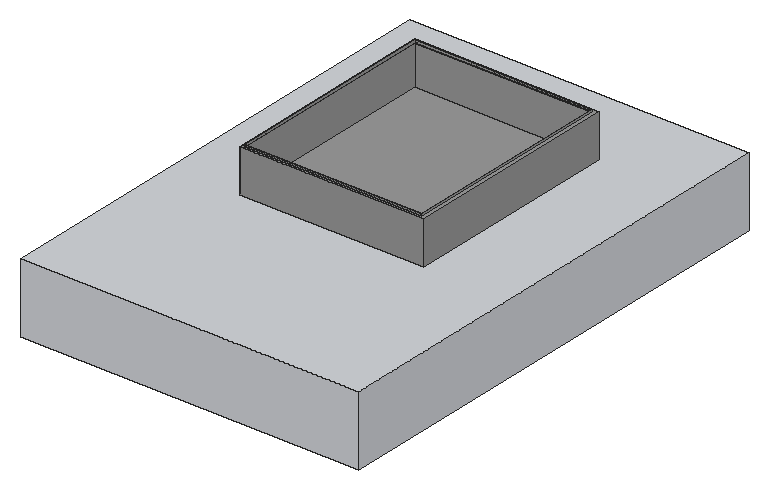
Revit family "Hager-Univers-IP30-D205-H950-Cl.II-Encl-CH-fr", category Equipement électrique, Revit 2020
Family settings
  Hôte = Face
  Configuration du panneau = Deux colonnes, circuits au sein
  Cote de connecteur circulaire = Utiliser le diamètre
  Type d'élément = Tableau de raccordement
  Couper avec des vides une fois chargée = Non
  Partagée = Non
  Point de calcul de pièce = Non
Parameters (values of type "saillie IP30 L800 H950 P205  - FP63Q1S")
  Width Control [instance] = if([EF000008 - largeur] > Min Width, [EF000008 - largeur], Min Width)  # 800 mm
  Commentaires du type = [HG000003 - Gamme]  # "Univers"
  Thickness Door [instance] = if([EF009171 - épaisseur de matériau de la porte/du couvercle] > 3 mm, 3 mm, [EF009171 - épaisseur de matériau de la porte/du couvercle])  # 1 mm
  Seal Frame Offset [instance] = 17 mm  # constant formula
  Plinth Visibility [instance] = [HG000027 - Hauteur du socle] > 0 mm  # no
  Model = ""
  Min Width [instance] = 100 mm  # constant formula
  Min Height [instance] = 100 mm  # constant formula
  Min Depth [instance] = (2 * [EF009170 - épaisseur de matériau du boîtier]) + 1 mm  # 3 mm
  Internal Frame Depth [instance] = (Door System Depth * 0.5)  # 9 mm
  Height Control [instance] = if([EF000040 - hauteur] > Min Height, [EF000040 - hauteur], Min Height)  # 950 mm
  HG000027 - Hauteur du socle = 0 mm
  HG000026 - Installation au sol = no
  HG000024 - Hauteur de la section basse = 800 mm
  HG000023 - Armoire double section = no
  HG000016 - Visibilité de la porte 3D [instance] = yes
  HG000015 - Visibilité de l'emprise de la porte [instance] = no
  HG000014 - Porte à droite [instance] = yes
  HG000013 - Porte à gauche [instance] = not([HG000014 - Porte à droite])  # no
  HG000012 - Angle de pivotement de la porte [instance] = 30.00°
  HG000010 - Portes asymétriques = no
  HG000009 - Porte à double battant = no
  HG000006 - Encastré = no
  HG000004 - Référence fabricant = "FP63Q1S"
  HG000003 - Gamme = "Univers"
  HG000002 - avec porte = no
  Frame Offset Bottom [instance] = 10 mm  # constant formula
  Frame Offset [instance] = 15 mm  # constant formula
  EF015940 - couvercle avec décharge de pression = no
  EF011959 - degré de protection (NEMA) = ""
  EF009554 - nombre d'ouvertures pour plaques à bride = 6
  Fabricant = "Hager"  # constant formula
  EF009212 - finition du couvercle = "EV009916 - avec échancrure"
  EF009171 - épaisseur de matériau de la porte/du couvercle = 1 mm
  EF009170 - épaisseur de matériau du boîtier = 1 mm
  EF008873 - courant nominal (In) = 250 A
  EF007800 - adapté à un parafoudre = no
  EF006306 - avec serrure = no
  EF006244 - couvercle/porte transparent(e) = no
  EF005474 - indice de protection (IP) = "EV006410 - IP30"
  EF004464 - type de porte = "EV000494 - sans"
  EF004427 - nombre de modules = 216
  EF004293 - indice de protection contre les chocs (IK) = "EV006813 - IK07"
  EF003532 - convient pour utilisation à l’extérieur = no
  EF002950 - largeur en nombre de modules = 36
  EF001613 - maintien de fonction = "EV000494 - sans"
  EF001596 - matériau du boîtier/corps = "EV000179 - acier"
  EF001131 - profondeur intérieure = 130 mm
  EF001088 - possibilité de montage en saillie = yes
  EF000437 - nombre d'entrées de conduit = 6
  EF000339 - type de capot = "EV000494 - sans"
  EF000266 - nombre de rangées = 6
  EF000218 - profondeur d'encastrement = 0 mm
  EF000118 - avec cadre/support de montage = no
  EF000116 - numéro RAL = "9010"
  EF000049 - profondeur = 205 mm
  EF000040 - hauteur = 950 mm
  EF000008 - largeur = 800 mm
  EF000007 - couleur = "EV000202 - blanc"
  EF000003 - mode de pose = "EV000384 - saillie"
  Door System Leaf Tolerance [instance] = 1.5 mm  # constant formula
  Door System Depth [instance] = 18 mm  # constant formula
  Door Height [instance] = Height Control - [HG000027 - Hauteur du socle]  # 950 mm
  Depth Control [instance] = if([EF000049 - profondeur] > Min Depth, [EF000049 - profondeur], Min Depth)  # 205 mm
  Default Elevation = 0 mm
  Connector Offset [instance] = Height Control / 2  # 475 mm
  Bottom Top Plate Trim [instance] = 1.5 mm  # constant formula
  Plinth height Ctrl [instance] = if([HG000027 - Hauteur du socle] > 0 mm, [HG000027 - Hauteur du socle], 12 mm)  # 12 mm
Types (5, lengths in mm): name | Width Control | HG000004 - Référence fabricant | EF009554 - nombre d'ouvertures pour plaques à bride | EF004427 - nombre de modules | EF002950 - largeur en nombre de modules | EF000437 - nombre d'entrées de conduit | EF000008 - largeur
  saillie IP30 L1050 H950 P205  - FP64Q1S | 1050 | "FP64Q1S" | 8 | 288 | 48 | 8 | 1050
  saillie IP30 L1300 H950 P205  - FP65Q1S | 1300 | "FP65Q1S" | 10 | 360 | 60 | 10 | 1300
  saillie IP30 L300 H950 P205  - FP61Q1S | 300 | "FP61Q1S" | 2 | 72 | 12 | 2 | 300
  saillie IP30 L550 H950 P205  - FP62Q1S | 550 | "FP62Q1S" | 4 | 144 | 24 | 4 | 550
  saillie IP30 L800 H950 P205  - FP63Q1S | 800 | "FP63Q1S" | 6 | 216 | 36 | 6 | 800
Reference planes
  plane 1 "Center (Front/Back)": y = 0
  plane 2: z = 0
  plane 3 "Center (Left/Right)": x = 0
  plane 4: z = 205
  plane 5: y = 1
  plane 6: y = 475
  plane 7: y = 0
  plane 8: y = 950
  plane 9: z = 0
  plane 10: x = -385
  plane 11: x = 385
  plane 12: x = 384
  plane 13: x = -384
  plane 14: y = 949
  plane 15: x = -383
  plane 16: x = -400
  plane 17: x = 383
  plane 18: x = 400
  plane 19: x = 399
  plane 20: x = -399
  plane 21: y = 11
  plane 22: y = 950
  plane 23: y = 934
  plane 24: z = 187
  plane 25: z = 1
  plane 26: z = 186
  plane 27: z = 204
Forms (mm)
  Extrusion 1, solid
    sketch origin (0, 0, 0) x (1, 0, 0) y (0, 1, 0)
      loop
        line (-702.964, 1305) -> (-702.964, -811.445) -> (766.763, -811.445) -> (766.763, 1305) -> (-702.964, 1305)
    from 0 to -304.8
  Extrusion 2, solid, material "Hager_Steel_RAL7035_Light_Grey", visible <- "Plinth Visibility", detail levels medium+fine
    sketch origin (0, 0, 0) x (1, 0, 0) y (0, 1, 0)
      loop
        line (-400, 0) -> (400, 0) -> (400, 12) -> (-400, 12) -> (-400, 0)
    from 0 to 187
  Extrusion 3, solid, material "Hager_Steel_RAL7035_Light_Grey", detail levels medium+fine
    sketch origin (0, 0, 0) x (1, 0, 0) y (0, 1, 0)
      loop
        line (-400, 0) -> (400, 0) -> (400, 950) -> (-400, 950) -> (-400, 0)
    from 0 to 187
  Extrusion 4, void
    sketch origin (0, 0, 0) x (1, 0, 0) y (0, 1, 0)
      loop
        line (-399, 1) -> (399, 1) -> (399, 949) -> (-399, 949) -> (-399, 1)
    from 1 to 186
  Extrusion 5, void
    sketch origin (-381.607, -4572, 187) x (0, -1, 0) y (-1, 0, 0)
      loop
        line (-4583, 2.393) -> (-5506, 2.393) -> (-5506, -765.607) -> (-4583, -765.607) -> (-4583, 2.393)
    from 0 to 1 <- "EF009170 - épaisseur de matériau du boîtier"
  Extrusion 6, solid, material "Hager_Steel_RAL7035_Light_Grey", detail levels fine
    sketch origin (0, 0, 187) x (1, 0, 0) y (0, 1, 0)
      loop
        line (-384, 934) -> (-384, 11) -> (384, 11) -> (384, 934) -> (-384, 934)
      loop
        line (-385, 10) -> (385, 10) -> (385, 935) -> (-385, 935) -> (-385, 10)
    from 0 to 9 <- "Internal Frame Depth"
  Extrusion 7, solid, material "Hager_Steel_RAL7035_Light_Grey", detail levels coarse
    sketch origin (0, 0, 0) x (1, 0, 0) y (0, 1, 0)
      loop
        line (-400, 0) -> (400, 0) -> (400, 950) -> (-400, 950) -> (-400, 0)
    from 0 to 205
  Sweep 8, void
    path in 3D
      loop
        line (-400, 12, 0) -> (400, 12, 0) -> (400, 12, 187) -> (-400, 12, 187) -> (-400, 12, 0)
    profile origin (-400, 12, 93.5) x (-1, 0, 0) y (0, -1, 0)
      loop
        line (0, 0) -> (0, 1.5) -> (-1.5, 1.5)
        arc (-1.5, 1.5) -> (-1.061, 0.439) -> (0, 0) r 1.5
Cuts and joins
  Extrusion 4, Extrusion 5 cuts Extrusion 3
  Sweep 8 cuts Extrusion 2
Lines and regions (mm)
  Masking region 1
    outline origin (0, 0, 0) x (1, 0, 0) y (0, 0, 1)
      loop
        line (-400, 205) -> (-400, 0) -> (400, 0) -> (400, 205) -> (-400, 205)
  Masking region 2, detail levels medium+fine
    outline origin (0, 140, 0) x (0, 1, 0) y (0, 0, 1)
      loop
        line (-140, 0) -> (810, 0) -> (810, 187) -> (-140, 187) -> (-140, 0)
  Masking region 3, not visible, detail levels medium+fine
    outline origin (0, 297.922, 0) x (0, 1, 0) y (0, 0, 1)
      loop
        line (188.578, 0) -> (228.578, 0) -> (228.578, 194)
        arc (228.578, 194) -> (225.649, 201.071) -> (218.578, 204) r 10
        line (218.578, 204) -> (188.578, 204) -> (188.578, 0)
  Masking region 4, detail levels coarse
    outline origin (0, 0, 180) x (0, 1, 0) y (0, 0, 1)
      loop
        line (0, -180) -> (950, -180) -> (950, 25) -> (0, 25) -> (0, -180)
  Masking region 5, visible <- "Plinth Visibility", detail levels medium+fine
    outline origin (0, 52.24, 12.345) x (0, 0, -1) y (0, 1, 0)
      loop
        line (10.845, -40.24) -> (-173.155, -40.24)
        arc (-173.155, -40.24) -> (-173.594, -41.301) -> (-174.655, -41.74) r 1.5
        line (-174.655, -41.74) -> (-174.655, -52.24) -> (12.345, -52.24) -> (12.345, -41.74)
        arc (12.345, -41.74) -> (11.285, -41.301) -> (10.845, -40.24) r 1.5
  Masking region 6, detail levels medium+fine
    outline origin (-381.607, -4572, 187) x (-1, 0, 0) y (0, -1, 0)
      loop
        line (18.393, -5522) -> (18.393, -4572) -> (-781.607, -4572) -> (-781.607, -5522) -> (18.393, -5522)
  Masking region 7, visible <- "Plinth Visibility", detail levels medium+fine
    outline origin (-381.607, -4727, 187) x (-1, 0, 0) y (0, -1, 0)
      loop
        arc (16.893, -4739) -> (17.332, -4737.939) -> (18.393, -4737.5) r 1.5
        line (18.393, -4737.5) -> (18.393, -4727) -> (-781.607, -4727) -> (-781.607, -4737.5)
        arc (-781.607, -4737.5) -> (-780.546, -4737.939) -> (-780.107, -4739) r 1.5
        line (-780.107, -4739) -> (16.893, -4739)
  Masking region 8, detail levels coarse
    outline origin (-442.548, -4669.526, 187) x (-1, 0, 0) y (0, -1, 0)
      loop
        line (-42.548, -5619.526) -> (-42.548, -4669.526) -> (-842.548, -4669.526) -> (-842.548, -5619.526) -> (-42.548, -5619.526)
  sketch lines
    curve 1: line (-400, 12, 187) -> (-400, 12, 0)
    curve 2: line (400, 12, 187) -> (-400, 12, 187)
    curve 3: line (400, 12, 187) -> (400, 12, 0)
    curve 4: line (-400, 12, 0) -> (400, 12, 0)
Dimensions and locks
  "Depth Control": plane 4 to Extrusion 1
  "HG000027 - Hauteur du socle": plane 1 "Center (Front/Back)" to plane 7
  "EF009170 - épaisseur de matériau du boîtier": plane 5 to plane 7
  locked: connector elem to plane 3 "Center (Left/Right)"
  equal spacing: plane 8, plane 6, plane 7
  locked: connector elem to plane 6
  "EF009170 - épaisseur de matériau du boîtier": plane 8 to plane 14
  "EF009170 - épaisseur de matériau du boîtier": plane 10 to plane 13
  "EF009170 - épaisseur de matériau du boîtier": plane 12 to plane 11
  "Frame Offset": plane 20 to plane 13
  "Frame Offset": plane 12 to plane 19
  "EF009170 - épaisseur de matériau du boîtier": plane 16 to plane 20
  "EF009170 - épaisseur de matériau du boîtier": plane 19 to plane 18
  "Seal Frame Offset": plane 16 to plane 15
  "Seal Frame Offset": plane 17 to plane 18
  "Frame Offset Bottom": plane 21 to plane 5
  "Frame Offset": plane 14 to plane 23
  equal spacing: plane 16, plane 3 "Center (Left/Right)", plane 18
  "Width Control": plane 16 to plane 18
  "EF009170 - épaisseur de matériau du boîtier": plane 4 to plane 27
  "EF009170 - épaisseur de matériau du boîtier": plane 24 to plane 26
  "EF009170 - épaisseur de matériau du boîtier": plane 25 to level
  "Door System Depth": plane 4 to plane 24
  "Height Control": plane 1 "Center (Front/Back)" to Extrusion 7 sketch curve
  "Height Control": Masking region 4 sketch curve to plane 1 "Center (Front/Back)"
  "Height Control": plane 1 "Center (Front/Back)" to plane 22
  "Bottom Top Plate Trim": profile plane to Sweep 8 sketch curve
  "Bottom Top Plate Trim": Sweep 8 sketch curve to profile plane
  "Plinth height Ctrl": plane 1 "Center (Front/Back)" to Extrusion 2 sketch curve
  "Plinth height Ctrl": Masking region 5 sketch curve to plane 1 "Center (Front/Back)"
  "Plinth height Ctrl": plane 1 "Center (Front/Back)" to Masking region 7 sketch curve
  "Thickness Door": Extrusion 6 sketch curve to Extrusion 6 sketch curve  (x3)
  "Thickness Door": cut or joined group of Extrusion 3, Extrusion 4, Extrusion 5 to Extrusion 6 sketch curve
  radius of Masking region 3 sketch curve = 10 mm
  "Bottom Top Plate Trim": radius of Masking region 5 sketch curve  (x2)
  "Bottom Top Plate Trim": radius of Sweep 8 sketch curve
  "Bottom Top Plate Trim": radius of Masking region 7 sketch curve  (x2)
  aligned and locked: plane 2 to Extrusion 1
  aligned and locked: level to Extrusion 1
  aligned and locked: level to Masking region 1 sketch curve
  aligned and locked: Masking region 1 sketch curve to plane 18
  aligned and locked: Masking region 1 sketch curve to plane 16
  aligned and locked: plane 7 to Masking region 2 sketch curve
  aligned and locked: level to Masking region 3 sketch curve
  aligned and locked: Masking region 3 sketch curve to plane 27
  aligned and locked: level to Masking region 2 sketch curve
  aligned and locked: plane 1 "Center (Front/Back)" to Extrusion 2 sketch curve
  aligned and locked: Extrusion 3 sketch curve to plane 7
  aligned and locked: plane 16 to Extrusion 3 sketch curve
  aligned and locked: plane 18 to Extrusion 3 sketch curve
  aligned and locked: plane 20 to Extrusion 4 sketch curve
  aligned and locked: plane 19 to Extrusion 4 sketch curve
  aligned and locked: Extrusion 4 sketch curve to plane 5
  aligned and locked: Extrusion 4 to plane 25
  aligned and locked: plane 26 to Extrusion 4
  aligned and locked: plane 24 to Extrusion 3
  aligned and locked: Extrusion 5 sketch curve to plane 21
  aligned and locked: Extrusion 5 sketch curve to plane 13
  aligned and locked: Extrusion 5 sketch curve to plane 12
  aligned and locked: plane 18 to Extrusion 7 sketch curve
  aligned and locked: plane 1 "Center (Front/Back)" to Extrusion 7 sketch curve
  aligned and locked: plane 16 to Extrusion 7 sketch curve
  aligned and locked: plane 4 to Extrusion 7
  aligned and locked: Extrusion 7 to level
  aligned and locked: level to Masking region 4 sketch curve
  aligned and locked: Masking region 4 sketch curve to plane 1 "Center (Front/Back)"
  aligned and locked: Masking region 4 sketch curve to plane 4
  aligned and locked: nested 1 to level
  aligned and locked: nested 1 to plane 16
  aligned and locked: plane 8 to Extrusion 3 sketch curve
  aligned and locked: plane 23 to Extrusion 5 sketch curve
  aligned and locked: plane 14 to Extrusion 4 sketch curve
  aligned and locked: Masking region 2 sketch curve to plane 8
  aligned and locked: level to Masking region 5 sketch curve
  aligned and locked: plane 16 to Extrusion 2 sketch curve
  aligned and locked: plane 18 to Extrusion 2 sketch curve
  aligned and locked: Masking region 5 sketch curve to plane 24
  aligned and locked: Masking region 2 sketch curve to plane 24
  aligned and locked: plane 24 to Extrusion 2
  aligned and locked: profile plane to Sweep 8 sketch curve  (x2)
  aligned and locked: Masking region 6 sketch curve to plane 18
  aligned and locked: Masking region 6 sketch curve to plane 22
  aligned and locked: Masking region 6 sketch curve to plane 16
  aligned and locked: plane 8 to plane 22
  aligned and locked: Masking region 6 sketch curve to plane 7
  aligned and locked: Masking region 7 sketch curve to plane 16
  aligned and locked: Masking region 7 sketch curve to plane 1 "Center (Front/Back)"
  aligned and locked: Masking region 7 sketch curve to plane 18
  aligned and locked: Masking region 8 sketch curve to plane 1 "Center (Front/Back)"
  aligned and locked: Masking region 8 sketch curve to plane 18
  aligned and locked: Masking region 8 sketch curve to plane 22
  aligned and locked: Masking region 8 sketch curve to plane 16
  aligned and locked: nested 2 to plane 7
  aligned and locked: plane 3 "Center (Left/Right)" to nested 2
  aligned and locked: nested 2 to plane 24
  aligned and locked: Extrusion 6 sketch curve to cut or joined group of Extrusion 3, Extrusion 4, Extrusion 5  (x4)
Automatic sketch dimensions
  Extrusion 1 sketch curve to Extrusion 1 sketch curve = 1469.727 mm
  Extrusion 1 sketch curve to Extrusion 1 sketch curve = 2116.445 mm
  Masking region 1 sketch curve to plane 4 = 0 mm
  plane 6 to Masking region 3 sketch curve = 11.5 mm
  Masking region 3 sketch curve to Masking region 3 sketch curve = 30 mm
  Masking region 5 sketch curve to plane 1 "Center (Front/Back)" = 0 mm
Nested families
  nested 1: "Hager_Enclosure_Symbol" at (-400, 0, 0) x (1, 0, 0) z (0, -1, 0), Height <- "Depth Control", Width <- "Width Control", type "Hager_Enclosure_Symbol"
    with Width_Ctrl 800 mm, Width 800 mm, Height_Ctrl 205 mm, Height 205 mm, A_Width_Int 13.453 mm, A_Width 161.438 mm, A_Height_Ctrl 179.375 mm, A_Height 179.375 mm
  nested 2: "EC000058_Univers_Door" at (0, 0, 187) x (1, 0, 0) z (0, 1, 0), Leaf_Tolerance <- "Door System Leaf Tolerance", Angle <- "HG000012 - Angle de pivotement de la porte", Door_Depth <- "Door System Depth", Door_Left <- "HG000013 - Porte à gauche", Transparent <- "EF006244 - couvercle/porte transparent(e)", Assymetrical <- "HG000010 - Portes asymétriques", Width <- "Width Control", Clearance <- "HG000015 - Visibilité de l'emprise de la porte", Double <- "HG000009 - Porte à double battant", 3d_Door <- "HG000016 - Visibilité de la porte 3D", Lock_Visibility <- "EF006306 - avec serrure", Width_Ctrl <- "Width Control", Door_Right <- "HG000014 - Porte à droite", Door <- "HG000002 - avec porte", Height <- "Door Height", Thickness <- "Thickness Door", type "EC000058_Univers_Door", detail levels medium+fine
    with min_wh 3 mm, Width_Ctrl 800 mm, Width 800 mm, Transparent no, Thickness 1 mm, Seal_Material Hager_Rubber, Lock_Visibility no, Lock_Material Hager_Plastic_RAL9005_Jet_Black, Leaf_Width 800 mm, Leaf_Tolerance_External_Sides 0 mm, Leaf_Tolerance 1.5 mm, Leaf_Offset 0 mm, Leaf_Height 947 mm, Leaf_2_Width 800 mm, Leaf_2_Offset 400 mm, Leaf_1_Width 800 mm, Leaf_1_Offset 400 mm, Height_Ctrl 950 mm, Height 950 mm, Glass_Material Hager_Glass, Double_Clearance_Ctrl no, Double no, Door_Right_Ctrl no, Door_Right yes, Door_Material Hager_Steel_RAL7035_Light_Grey, Door_Left_Ctrl no, Door_Left no, Door_Depth 18 mm, Door no, Clearance_Material Hager_Clearance, Clearance_Depth 800 mm, Clearance_Ctrl no, Clearance no, Assymetrical no, Angle 30.00°, 3d_Door yes
Connectors
  electrical at (0, 475, 0)
    settings: on plane 9, index 1, voltage 0 V, apparent load 0 VA, apparent load phase1 0 VA, apparent load phase2 0 VA, apparent load phase3 0 VA, power factor 1, load classification "Other", number of poles 1, system type 30, power factor state 1, is connector primary yes, connector utility no, sub classification motor no, connector description ""
Definition of nested family "Hager_Enclosure_Symbol"
  Parameters (values of type "Hager_Enclosure_Symbol")
    Width_Ctrl [instance] = if(Width > 1 mm, Width, 1 mm)  # 102.27 mm
    Width [instance] = 102.27 mm
    Height_Ctrl [instance] = if(Height > 1 mm, Height, 1 mm)  # 66.5 mm
    A_Width_Int [instance] = if(A_Width / 12 > 2 mm, A_Width / 12, 2 mm)  # 4.364 mm
    A_Width [instance] = if(A_Height_Ctrl * 0.9 > 2 mm, A_Height_Ctrl * 0.9, 2 mm)  # 52.369 mm
    A_Height_Ctrl [instance] = if(A_Height > 2 mm, A_Height, 2 mm)  # 58.188 mm
    Height [instance] = 66.5 mm
    A_Height [instance] = Height - (Height / 8)  # 58.188 mm
  Reference planes
    plane 1 "Centre (avant/arrière)": y = 0
    plane 2: z = 0
    plane 3 "Centre (gauche/droite)": x = 0
    plane 4: x = 52.369
    plane 5: y = 33.042
    plane 6: y = 41.77
    plane 7: y = 66.5
    plane 8: x = 26.184
    plane 9: y = 37.406
    plane 10: x = 102.27
    plane 11: y = 66.5
    plane 12: y = 8.313
  Lines and regions (mm)
    Filled region 1, type "Solid_Black", in view "Niveau de réf."
      outline origin (0, 0, 0) x (1, 0, 0) y (0, 1, 0)
        loop
          line (52.369, 66.5) -> (33.188, 54.536) -> (45.365, 45.006) -> (52.369, 66.5)
    Filled region 2, type "Solid_Black", in view "Niveau de réf."
      outline origin (0, 0, 0) x (1, 0, 0) y (0, 1, 0)
        loop
          line (0, 0) -> (102.27, 0) -> (102.27, 66.5) -> (0, 0)
    detail lines, in view "Niveau de réf."
      curve 1: line (0, 8.313, 0) -> (26.184, 41.77, 0)
      curve 2: line (26.184, 41.77, 0) -> (26.184, 33.042, 0)
      curve 3: line (26.184, 33.042, 0) -> (52.369, 66.5, 0)
  Dimensions and locks
    "A_Width": plane 3 "Centre (gauche/droite)" to plane 4
    equal spacing: plane 3 "Centre (gauche/droite)", plane 8, plane 4
    equal spacing: plane 6, plane 9, plane 5
    equal spacing: curve 3, Filled region 1 sketch curve, Filled region 1 sketch curve
    "Height_Ctrl": plane 1 "Centre (avant/arrière)" to plane 11
    "A_Height_Ctrl": plane 11 to plane 12
    equal spacing: plane 11, plane 9, plane 12
    "A_Width_Int": plane 6 to plane 9
    "Width_Ctrl": plane 3 "Centre (gauche/droite)" to plane 10
    angle Filled region 1 sketch curve to curve 3 = 20.00°
    angle curve 3 to Filled region 1 sketch curve = 20.00°
    locked: curve 3 to Filled region 1 sketch curve (angle 90.00°)
    aligned and locked: plane 10 to Filled region 2
    aligned and locked: plane 11 to Filled region 2 sketch curve
    aligned and locked: plane 10 to Filled region 2 sketch curve
    aligned and locked: plane 3 "Centre (gauche/droite)" to curve 1
    aligned and locked: plane 12 to curve 1
    aligned and locked: plane 7 to plane 11
  Automatic sketch dimensions
    Filled region 1 sketch curve to plane 4 = 0 mm
    Filled region 1 sketch curve to plane 7 = 0 mm
    plane 1 "Centre (avant/arrière)" to Filled region 2 sketch curve = 0 mm
    Filled region 2 sketch curve to plane 3 "Centre (gauche/droite)" = 0 mm
    curve 2 to plane 6 = 0 mm
    curve 2 to plane 8 = 0 mm
    curve 3 to plane 4 = 0 mm
    curve 2 to plane 5 = 0 mm
    curve 3 to plane 7 = 0 mm
Definition of nested family "EC000058_Univers_Door"
  Parameters (values of type "EC000058_Univers_Door")
    min_wh [instance] = (2 * Thickness) + 1 mm  # 11 mm
    Width_Ctrl [instance] = 400 mm
    Width [instance] = 500 mm
    Transparent [instance] = yes
    Thickness [instance] = 5 mm
    Seal_Material [instance] = none
    Lock_Visibility [instance] = yes
    Lock_Material [instance] = none
    Leaf_Width [instance] = if((Width_Ctrl - 2 * Leaf_Tolerance_External_Sides) > 0 mm, (Width_Ctrl - 2 * Leaf_Tolerance_External_Sides), min_wh)  # 400 mm
    Leaf_Tolerance_External_Sides [instance] = 0 mm  # constant formula
    Leaf_Tolerance [instance] = 1.5 mm
    Leaf_Offset [instance] = 0 mm  # constant formula
    Leaf_Height [instance] = if((Height_Ctrl - 2 * Leaf_Tolerance) > 0 mm, (Height_Ctrl - 2 * Leaf_Tolerance), min_wh)  # 497 mm
    Leaf_2_Width [instance] = if(and(and(Double, Assymetrical), Door_Left), (Leaf_Width / 3) - (Leaf_Tolerance / 2), if(and(and(Double, Assymetrical), Door_Right), (Leaf_Width / 3) * 2 - (Leaf_Tolerance / 2), if(and(Double, not(Assymetrical)), (Leaf_Width / 2) - Leaf_Tolerance, Leaf_Width)))  # 400 mm
    Leaf_2_Offset [instance] = if(and(Double, Assymetrical), Leaf_2_Width / 2, if(and(Double, not(Assymetrical)), Leaf_Width / 4, Leaf_Width / 2))  # 200 mm
    Leaf_1_Width [instance] = if(and(and(Double, Assymetrical), Door_Right), (Leaf_Width / 3) - (Leaf_Tolerance / 2), if(and(and(Double, Assymetrical), Door_Left), (Width / 3) * 2 - (Leaf_Tolerance / 2), if(and(Double, not(Assymetrical)), (Leaf_Width / 2) - Leaf_Tolerance, Leaf_Width)))  # 400 mm
    Leaf_1_Offset [instance] = if(and(Double, Assymetrical), Leaf_1_Width / 2, if(and(Double, not(Assymetrical)), Leaf_Width / 4, Leaf_Width / 2))  # 200 mm
    Height_Ctrl [instance] = if(Height > min_wh, Height, min_wh)  # 500 mm
    Height [instance] = 500 mm
    Glass_Material [instance] = none
    Double_Clearance_Ctrl [instance] = and(Double, Clearance)  # no
    Double [instance] = no
    Door_Right_Ctrl [instance] = and(or(Door_Right, Double), Door)  # yes
    Door_Right [instance] = yes
    Door_Material [instance] = none
    Door_Left_Ctrl [instance] = and(or(Door_Left, Double), Door)  # no
    Door_Left [instance] = no
    Door_Depth [instance] = 30 mm
    Door [instance] = yes
    Default Elevation = 1219.2 mm
    Clearance_Material [instance] = none
    Clearance_Depth [instance] = if(Leaf_1_Width > Leaf_2_Width, Leaf_1_Width, Leaf_2_Width)  # 400 mm
    Clearance_Ctrl [instance] = and(not(Double), Clearance)  # yes
    Clearance [instance] = yes
    Assymetrical [instance] = yes
    Angle [instance] = 30.00°
    3d_Door [instance] = yes
  Reference planes
    plane 1 "Center (Front/Back)": y = 0
    plane 2 "Bottom": z = 0
    plane 3 "Center (Left/Right)": x = 0
    plane 4: z = 500
    plane 5: x = -200
    plane 6: x = 200
    plane 7: z = 500
    plane 8: x = -200
    plane 9: z = 0
    plane 10: x = 200
    plane 11: y = 0
    plane 12: z = 1.5
    plane 13: x = -600
    plane 14: y = -400
    plane 15: x = 600
    plane 16: x = 0
    plane 17: x = 0
    plane 18: x = -200
    plane 19: x = 200
    plane 20: z = 498.5
  Forms (mm)
    Extrusion 1, solid, material <- "Clearance_Material", visible <- "Double_Clearance_Ctrl"
      sketch origin (1200, 0, 0) x (1, 0, 0) y (0, 0, -1)
        loop
          line (-1800, -498.5) -> (-600, -498.5) -> (-600, 0) -> (-1800, 0) -> (-1800, -498.5)
      from 0 to -400
  Dimensions and locks
    equal spacing: plane 5, plane 3 "Center (Left/Right)", plane 6
    "Width_Ctrl": plane 5 to plane 6
    "Leaf_Offset": plane 5 to plane 8
    "Leaf_Offset": plane 6 to plane 10
    "Leaf_Offset": plane 9 to level
    "Leaf_Offset": plane 4 to plane 7
    "Height_Ctrl": plane 4 to level
    "Leaf_Tolerance": plane 12 to plane 9
    locked: plane 11 to plane 1 "Center (Front/Back)"
    "Leaf_1_Offset": plane 18 to plane 16
    "Leaf_2_Offset": plane 17 to plane 19
    "Leaf_1_Width": plane 13 to plane 8
    "Leaf_2_Width": plane 10 to plane 15
    "Clearance_Depth": plane 14 to plane 1 "Center (Front/Back)"
    "Leaf_Tolerance_External_Sides": plane 8 to plane 18
    "Leaf_Tolerance_External_Sides": plane 19 to plane 10
    "Leaf_Tolerance": plane 7 to plane 20
    aligned and locked: level to plane 2 "Bottom"
    aligned and locked: nested 1 to plane 16
    aligned and locked: nested 2 to plane 17
    aligned and locked: Extrusion 1 to plane 13
    aligned and locked: plane 15 to Extrusion 1
    aligned and locked: Extrusion 1 to plane 14
    aligned and locked: plane 12 to nested 1
    aligned and locked: nested 2 to plane 12
    aligned and locked: Extrusion 1 to plane 11
    aligned and locked: plane 20 to Extrusion 1
    aligned and locked: nested 2 to plane 11
    aligned and locked: nested 1 to plane 11
  Automatic sketch dimensions
    Extrusion 1 sketch curve to level = 0 mm
    plane 5 to Extrusion 1 sketch curve = 400 mm
    plane 6 to Extrusion 1 sketch curve = 400 mm
    Extrusion 1 sketch curve to plane 4 = 1.5 mm
  Nested families
    nested 1: "EC000058_Univers_Door_Leaf" at (0, 0, 1.5), Width <- "Leaf_1_Width", visible <- "Door_Left_Ctrl", Leaf_Height <- "Leaf_Height", Angle <- "Angle", 3d_Door <- "3d_Door", Transparent <- "Transparent", Clearance Material <- "Clearance_Material", Clearance <- "Clearance_Ctrl", Door_Material <- "Door_Material", Glass_Material <- "Glass_Material", Door_Depth <- "Door_Depth", Lock_Material <- "Lock_Material", Seal_Material <- "Seal_Material", Lock_Visibility <- "Lock_Visibility", Thickness <- "Thickness", type "EC000058_Univers_Door_Leaf"
      with Width 400 mm, Transparent_Glass_Offset 30 mm, Transparent_Ctrl yes, Transparent yes, Thickness 5 mm, Standard no, Seal_Material none, Seal_D2 8 mm, Seal_D1 1 mm, Offset_Internal_Frame 10 mm, Lock_Width 20 mm, Lock_Visibility_3d yes, Lock_Visibility yes, Lock_Thickness_3 3 mm, Lock_Thickness_2 1 mm, Lock_Thickness_1 3 mm, Lock_Radius_Offset_2 16 mm, Lock_Radius_Offset_1 15 mm, Lock_Radius_2 5 mm, Lock_Radius 6 mm, Lock_Offset 5 mm, Lock_Material none, Lock_Height 80 mm, Lock_Cover_Top_Offset_2d 17 mm, Lock_Cover_Height -65 mm, Leaf_Height 497 mm, Internal_Seal_Thickness 8 mm, Internal_Seal_Depth_2 4.5 mm, Internal_Frame_Depth 25 mm, Glass_Thickness -1 mm, Glass_Offset -2 mm, Glass_Material none, Door_Material none, Door_Depth 30 mm, Clearance Material none, Clearance yes, Angle_Ctrl 30.00°, Angle 30.00°, 3d_Door yes
    nested 2: "EC000058_Univers_Door_Leaf" at (0, 0, 1.5) x (-1, 0, 0) z (0, 0, 1), Width <- "Leaf_2_Width", visible <- "Door_Right_Ctrl", Leaf_Height <- "Leaf_Height", Angle <- "Angle", 3d_Door <- "3d_Door", Transparent <- "Transparent", Clearance Material <- "Clearance_Material", Clearance <- "Clearance_Ctrl", Door_Material <- "Door_Material", Glass_Material <- "Glass_Material", Door_Depth <- "Door_Depth", Lock_Material <- "Lock_Material", Seal_Material <- "Seal_Material", Lock_Visibility <- "Lock_Visibility", Thickness <- "Thickness", type "EC000058_Univers_Door_Leaf"
      with Width 400 mm, Transparent_Glass_Offset 30 mm, Transparent_Ctrl yes, Transparent yes, Thickness 5 mm, Standard no, Seal_Material none, Seal_D2 8 mm, Seal_D1 1 mm, Offset_Internal_Frame 10 mm, Lock_Width 20 mm, Lock_Visibility_3d yes, Lock_Visibility yes, Lock_Thickness_3 3 mm, Lock_Thickness_2 1 mm, Lock_Thickness_1 3 mm, Lock_Radius_Offset_2 16 mm, Lock_Radius_Offset_1 15 mm, Lock_Radius_2 5 mm, Lock_Radius 6 mm, Lock_Offset 5 mm, Lock_Material none, Lock_Height 80 mm, Lock_Cover_Top_Offset_2d 17 mm, Lock_Cover_Height -65 mm, Leaf_Height 497 mm, Internal_Seal_Thickness 8 mm, Internal_Seal_Depth_2 4.5 mm, Internal_Frame_Depth 25 mm, Glass_Thickness -1 mm, Glass_Offset -2 mm, Glass_Material none, Door_Material none, Door_Depth 30 mm, Clearance Material none, Clearance yes, Angle_Ctrl 30.00°, Angle 30.00°, 3d_Door yes
  Definition of nested family "EC000058_Univers_Door_Leaf"
    Parameters (values of type "EC000058_Univers_Door_Leaf")
      Width [instance] = 2000 mm
      Transparent_Glass_Offset [instance] = 30 mm
      Transparent_Ctrl [instance] = and(Transparent, [3d_Door])  # yes
      Transparent [instance] = yes
      Thickness [instance] = 5 mm
      Standard [instance] = and(not(Transparent), [3d_Door])  # no
      Seal_Material [instance] = none
      Seal_D2 [instance] = 8 mm  # constant formula
      Seal_D1 [instance] = 1 mm  # constant formula
      Offset_Internal_Frame [instance] = 10 mm  # constant formula
      Lock_Width [instance] = 20 mm  # constant formula
      Lock_Visibility_3d [instance] = and(Lock_Visibility, [3d_Door])  # yes
      Lock_Visibility [instance] = yes
      Lock_Thickness_3 [instance] = 3 mm  # constant formula
      Lock_Thickness_2 [instance] = 1 mm  # constant formula
      Lock_Thickness_1 [instance] = 3 mm  # constant formula
      Lock_Radius_Offset_2 [instance] = Lock_Radius_Offset_1 + 1 mm  # 16 mm
      Lock_Radius_Offset_1 [instance] = 15 mm  # constant formula
      Lock_Radius_2 [instance] = Lock_Radius - 1 mm  # 5 mm
      Lock_Radius [instance] = 6 mm  # constant formula
      Lock_Offset [instance] = 5 mm  # constant formula
      Lock_Material [instance] = none
      Lock_Height [instance] = 80 mm  # constant formula
      Lock_Cover_Top_Offset_2d [instance] = Lock_Radius_Offset_2 + 1 mm  # 17 mm
      Lock_Cover_Height [instance] = -(Lock_Height - Lock_Radius_Offset_1)  # -65 mm
      Leaf_Height [instance] = 2720.336 mm
      Internal_Seal_Thickness [instance] = 8 mm  # constant formula
      Internal_Seal_Depth_2 [instance] = 4.5 mm  # constant formula
      Internal_Frame_Depth [instance] = if(Door_Depth - Thickness > 5 mm, Door_Depth - Thickness, 5 mm)  # 25 mm
      Glass_Thickness [instance] = if(Thickness > 15 mm, Glass_Offset + 10 mm, -1 mm)  # -1 mm
      Glass_Offset [instance] = if(Thickness > 15 mm, -(Thickness + 10 mm) / 2, -2 mm)  # -2 mm
      Glass_Material [instance] = none
      Door_Material [instance] = none
      Door_Depth [instance] = 30 mm
      Default Elevation = 0 mm
      Clearance Material [instance] = none
      Clearance [instance] = yes
      Angle_Ctrl [instance] = if(Angle > 180.00°, 180.00°, Angle)  # 90.00°
      Angle [instance] = 90.00°
      3d_Door [instance] = yes
    Reference planes
      plane 1 "Center (Front/Back)": y = 0
      plane 2: z = 0
      plane 3 "Center (Left/Right)": x = 0
      plane 4: y = 2000
      plane 5: x = -1000
      plane 6: x = 1000
      plane 7: x = -3000
      plane 8: z = 2720.336
      plane 9: z = 30
      plane 10: z = 2690.336
      plane 11: x = 970
      plane 12: x = -970
      plane 13: y = -3
      plane 14: z = 107.833
      plane 15: y = -5
      plane 16: y = -223.314
      plane 17: x = -1000
      plane 18: z = 1360.168
      plane 19: y = 30
    Forms (mm)
      Extrusion 1, solid, material <- "Clearance Material", visible <- "Clearance"
        sketch origin (0, 0, 0) x (1, 0, 0) y (0, 0, 1)
          loop
            line (-3000, 2720.336) -> (-3000, 0) -> (1000, 0) -> (1000, 2720.336) -> (-3000, 2720.336)
        from 0 to -2000
      Extrusion 2, solid, material <- "Door_Material", visible <- "Standard", detail levels medium+fine
        sketch origin (-1000, 0, 0) x (0, 1, 0) y (-1, 0, 0)
          loop
            line (0, 30) -> (0, 25) -> (2000, 25) -> (2000, 30) -> (0, 30)
        from 0 to 2720.336 <- "Leaf_Height"
      Extrusion 3, solid, material <- "Door_Material", visible <- "Transparent_Ctrl", detail levels medium+fine
        sketch origin (-1000, 0, 0) x (0, 1, 0) y (-1, 0, 0)
          loop
            line (0, 25) -> (2000, 25) -> (2000, 30) -> (0, 30) -> (0, 25)
        from 0 to 2720.336 <- "Leaf_Height"
      Extrusion 4, void
        sketch origin (-1025, 2000, 0) x (0, 1, 0) y (0, 0, -1)
          loop
            line (-30, -2690.336) -> (-30, -30) -> (-1970, -30) -> (-1970, -2690.336) -> (-30, -2690.336)
        from 0 to 5 <- "Thickness"
      Sweep 5, solid, material <- "Seal_Material", visible <- "Transparent_Ctrl", detail levels fine
        path in 3D
          loop
            line (-1025, 30, 30) -> (-1025, 30, 2690.336) -> (-1025, 1970, 2690.336) -> (-1025, 1970, 30) -> (-1025, 30, 30)
        profile origin (-1025, 1000, 30) x (1, 0, 0) y (0, 0, 1)
          loop
            line (0, 0) -> (0, -8) -> (1, -8) -> (1, 0) -> (0, 0)
      Extrusion 6, solid, material <- "Glass_Material", visible <- "Transparent_Ctrl", detail levels medium+fine
        sketch origin (-1030, 0, 0) x (0, 1, 0) y (0, 0, -1)
          loop
            line (1970, -2690.336) -> (1970, -30) -> (30, -30) -> (30, -2690.336) -> (1970, -2690.336)
        from -2 <- "Glass_Offset" to -1 <- "Glass_Thickness"
      Extrusion 7, solid, material <- "Door_Material", visible <- "3d_Door", detail levels medium+fine
        sketch origin (-1025, 2000, 0) x (0, -1, 0) y (0, 0, -1)
          loop
            line (0, -2720.336) -> (2000, -2720.336) -> (2000, 0) -> (0, 0) -> (0, -2720.336)
          loop
            line (1995, -5) -> (5, -5) -> (5, -2715.336) -> (1995, -2715.336) -> (1995, -5)
        from 0 to 25 <- "Internal_Frame_Depth"
      Sweep 8, solid, material <- "Seal_Material", visible <- "Transparent_Ctrl", detail levels fine
        path in 3D
          loop
            line (-1025, 0, 0) -> (-1025, 2000, 0) -> (-1025, 2000, 2720.336) -> (-1025, 0, 2720.336) -> (-1025, 0, 0)
        profile origin (-1025, 0, 1360.168) x (1, 0, 0) y (0, 1, 0)
          loop
            line (0, 10) -> (2.975, 10)
            arc (2.975, 10) -> (4.053, 10.447) -> (4.5, 11.525) r 1.525
            line (4.5, 11.525) -> (4.5, 16.527)
            arc (4.5, 16.527) -> (4.069, 17.569) -> (3.027, 18) r 1.473
            line (3.027, 18) -> (0, 18) -> (0, 10)
      Extrusion 9, solid, material <- "Lock_Material", visible <- "Lock_Visibility_3d", detail levels fine
        sketch origin (-1030, 0, 0) x (0, 1, 0) y (0, 0, -1)
          loop
            arc (1993.5, -1400.168) -> (1994.561, -1399.729) -> (1995, -1398.668) r 1.5
            line (1995, -1398.668) -> (1995, -1320.168) -> (1975, -1320.168) -> (1975, -1398.668)
            arc (1975, -1398.668) -> (1975.439, -1399.729) -> (1976.5, -1400.168) r 1.5
            line (1976.5, -1400.168) -> (1993.5, -1400.168)
        from 3 <- "Lock_Thickness_1" to 0
      Blend 10, solid, material <- "Lock_Material", visible <- "Lock_Visibility_3d", detail levels fine
        base sketch origin (-1033, 0, 0) x (0, 1, 0) y (0, 0, -1)
          loop
            line (1975, -1320.168) -> (1975, -1398.668)
            arc (1975, -1398.668) -> (1975.439, -1399.729) -> (1976.5, -1400.168) r 1.5
            line (1976.5, -1400.168) -> (1993.5, -1400.168)
            arc (1993.5, -1400.168) -> (1994.561, -1399.729) -> (1995, -1398.668) r 1.5
            line (1995, -1398.668) -> (1995, -1320.168) -> (1975, -1320.168)
        top sketch origin (-1033, 0, 0) x (0, 1, 0) y (0, 0, -1)
          loop
            line (1976, -1320.168) -> (1976, -1398.668)
            arc (1976, -1398.668) -> (1976.146, -1399.022) -> (1976.5, -1399.168) r 0.5
            line (1976.5, -1399.168) -> (1993.5, -1399.168)
            arc (1993.5, -1399.168) -> (1993.854, -1399.022) -> (1994, -1398.668) r 0.5
            line (1994, -1398.668) -> (1994, -1320.168) -> (1976, -1320.168)
        from 0 to 1 <- "Lock_Thickness_2"
      Blend 11, solid, material <- "Lock_Material", visible <- "Lock_Visibility_3d", detail levels fine
        base sketch origin (-1034, 0, 0) x (0, 1, 0) y (0, 0, -1)
          loop
            line (1978, -1320.168) -> (1978, -1384.168)
            arc (1978, -1384.168) -> (1985, -1391.168) -> (1992, -1384.168) r 7
            line (1992, -1384.168) -> (1992, -1320.168) -> (1978, -1320.168)
        top sketch origin (-1034, 0, 0) x (0, 1, 0) y (0, 0, -1)
          loop
            line (1991, -1320.168) -> (1979, -1320.168) -> (1979, -1383.168)
            arc (1979, -1383.168) -> (1985, -1389.168) -> (1991, -1383.168) r 6
            line (1991, -1383.168) -> (1991, -1320.168)
        from 0 to 3 <- "Lock_Thickness_3"
      Extrusion 12, solid, material <- "Lock_Material", visible <- "Lock_Visibility_3d", detail levels fine
        sketch origin (-1030, 1975, 1320.168) x (1, 0, 0) y (0, -1, 0)
          loop
            line (-7, -19) -> (-7, -1) -> (0, -1) -> (0, 0) -> (-8, 0) -> (-8, -20) -> (0, -20) -> (0, -19) -> (-7, -19)
        from 0 to -65 <- "Lock_Cover_Height"
      Extrusion 13, void
        sketch origin (-1038, 1995, 1320.168) x (-1, 0, 0) y (0, 0, -1)
          loop
            line (-5, -65) -> (0, -65) -> (-5, -60) -> (-5, -65)
        from 0 to 20 <- "Lock_Width"
      Extrusion 14, void
        sketch origin (-1038, 1975, 1320.168) x (0, -1, 0) y (0, 0, -1)
          loop
            circle (-10, -15.995) r 6
          loop
            circle (-10, -15.995) r 5
        from 0 to 2
      Extrusion 15, solid, material <- "Lock_Material", visible <- "Lock_Visibility_3d", detail levels medium
        sketch origin (-1030, 0, 0) x (0, 1, 0) y (0, 0, -1)
          loop
            arc (1993.5, -1400.168) -> (1994.561, -1399.729) -> (1995, -1398.668) r 1.5
            line (1995, -1398.668) -> (1995, -1320.168) -> (1975, -1320.168) -> (1975, -1398.668)
            arc (1975, -1398.668) -> (1975.439, -1399.729) -> (1976.5, -1400.168) r 1.5
            line (1976.5, -1400.168) -> (1993.5, -1400.168)
        from 8 to 0
    Cuts and joins
      Extrusion 4 cuts Extrusion 3
      Extrusion 13, Extrusion 14 cuts Extrusion 9
      Extrusion 14 cuts Blend 11
      Extrusion 13, Extrusion 14 cuts Extrusion 12
      joined: Extrusion 9, Blend 10, Blend 11, Extrusion 12
      Extrusion 14 cuts Extrusion 15
    Lines and regions (mm)
      Masking region 1, visible <- "Lock_Visibility", detail levels fine
        outline origin (0, 0, 0) x (0, 1, 0) y (0, 0, 1)
          loop
            line (30, 1320.168) -> (33, 1320.168) -> (33, 1400.168) -> (30, 1400.168) -> (30, 1320.168)
      Masking region 2, visible <- "Lock_Visibility", detail levels fine
        outline origin (0, 3.143, 0) x (0, 1, 0) y (0, 0, 1)
          loop
            line (29.857, 1354.168) -> (30.857, 1354.168) -> (30.857, 1366.168) -> (29.857, 1366.168) -> (29.857, 1354.168)
      Masking region 3, detail levels medium+fine
        outline origin (0, 0, 0) x (0, 1, 0) y (0, 0, 1)
          loop
            line (0, 0) -> (30, 0) -> (30, 2720.336) -> (0, 2720.336) -> (0, 0)
      Masking region 4, detail levels medium+fine
        outline origin (0, 0, 0) x (1, 0, 0) y (0, 0, 1)
          loop
            line (-1000, 2720.336) -> (-1000, 0) -> (1000, 0) -> (1000, 2720.336) -> (-1000, 2720.336)
      Masking region 5, visible <- "Lock_Visibility", detail levels fine
        outline origin (-47.116, 0, 0) x (1, 0, 0) y (0, 0, 1)
          loop
            arc (1024.616, 1399.168) -> (1023.556, 1398.729) -> (1023.116, 1397.668) r 1.5
            line (1023.116, 1397.668) -> (1023.116, 1320.168) -> (1041.116, 1320.168) -> (1041.116, 1397.668)
            arc (1041.116, 1397.668) -> (1040.677, 1398.729) -> (1039.616, 1399.168) r 1.5
            line (1039.616, 1399.168) -> (1024.616, 1399.168)
      Masking region 6, visible <- "Lock_Visibility", detail levels medium+fine
        outline origin (-25, 0, 0) x (1, 0, 0) y (0, 0, 1)
          loop
            arc (1001.5, 1400.168) -> (1000.439, 1399.729) -> (1000, 1398.668) r 1.5
            line (1000, 1398.668) -> (1000, 1320.168) -> (1020, 1320.168) -> (1020, 1398.668)
            arc (1020, 1398.668) -> (1019.561, 1399.729) -> (1018.5, 1400.168) r 1.5
            line (1018.5, 1400.168) -> (1001.5, 1400.168)
      Masking region 7, visible <- "Lock_Visibility", detail levels fine
        outline origin (-73.735, 0, 0) x (1, 0, 0) y (0, 0, 1)
          loop
            line (1051.735, 1382.168) -> (1065.735, 1382.168) -> (1065.735, 1384.168)
            arc (1065.735, 1384.168) -> (1058.735, 1391.168) -> (1051.735, 1384.168) r 7
            line (1051.735, 1384.168) -> (1051.735, 1382.168)
      Masking region 8, visible <- "Lock_Visibility", detail levels fine
        outline origin (-73.735, 0, 0) x (1, 0, 0) y (0, 0, 1)
          loop
            line (1052.735, 1382.168) -> (1064.735, 1382.168) -> (1064.735, 1383.168)
            arc (1064.735, 1383.168) -> (1058.735, 1389.168) -> (1052.735, 1383.168) r 6
            line (1052.735, 1383.168) -> (1052.735, 1382.168)
      Masking region 9, visible <- "Lock_Visibility", detail levels fine
        outline origin (-25, 0, 0) x (1, 0, 0) y (0, 0, 1)
          loop
            line (1020, 1320.168) -> (1020, 1382.168) -> (1000, 1382.168) -> (1000, 1320.168) -> (1020, 1320.168)
      Masking region 10, detail levels medium+fine
        outline origin (0, 0, 0) x (1, 0, 0) y (0, 0, 1)
          loop
            circle (985, 1335.144) r 6
      Masking region 11, detail levels fine
        outline origin (0, 0, 0) x (1, 0, 0) y (0, 0, 1)
          loop
            circle (985, 1335.144) r 5
      Masking region 12, visible <- "Lock_Visibility", detail levels fine
        outline origin (0, 12.767, 0) x (0, 1, 0) y (0, 0, 1)
          loop
            line (20.233, 1320.168) -> (21.233, 1320.168) -> (21.233, 1399.168) -> (20.233, 1400.168) -> (20.233, 1320.168)
      Masking region 13, visible <- "Lock_Visibility", detail levels fine
        outline origin (0, 13.767, -10) x (0, 1, 0) y (0, 0, 1)
          loop
            line (20.233, 1330.168) -> (23.233, 1330.168) -> (23.233, 1399.168) -> (20.233, 1402.168) -> (20.233, 1330.168)
      Masking region 14, visible <- "Lock_Visibility", detail levels fine
        outline origin (0, 12.767, -10) x (0, 1, 0) y (0, 0, 1)
          loop
            line (20.233, 1330.168) -> (25.233, 1330.168) -> (25.233, 1399.305) -> (20.233, 1394.305) -> (20.233, 1330.168)
      Masking region 15, visible <- "Lock_Visibility", detail levels medium
        outline origin (0, 0, 0) x (0, 1, 0) y (0, 0, 1)
          loop
            line (30, 1320.168) -> (38, 1320.168) -> (38, 1400.168) -> (30, 1400.168) -> (30, 1320.168)
      Masking region 16, visible <- "Lock_Visibility", detail levels fine
        outline origin (-1000, 0, 0) x (0, 1, 0) y (-1, 0, 0)
          loop
            line (1975, 30) -> (1995, 30) -> (1995, 38) -> (1975, 38) -> (1975, 30)
          loop
            line (1979, 37) -> (1976, 37) -> (1976, 34) -> (1978, 34) -> (1979, 37)
          loop
            line (1994, 37) -> (1991, 37) -> (1992, 34) -> (1994, 34) -> (1994, 37)
      Masking region 17, visible <- "Lock_Visibility", detail levels medium
        outline origin (-1000, 0, 0) x (0, 1, 0) y (-1, 0, 0)
          loop
            line (1975, 30) -> (1995, 30) -> (1995, 38) -> (1975, 38) -> (1975, 30)
      symbolic lines
        curve 1: line (1000, 0, 0) -> (-3000, 0, 0)
        curve 2: arc (1000, 0, 0) -> (-1000, 2000, 0) -> (-3000, 0, 0) r 2000
        curve 4: line (-1030, 0, 0) -> (-1030, 2000, 0)
      reference lines
        curve 3: line (-1000, 0, 0) -> (-1000, 2000, 0)
      symbolic lines, detail levels medium+fine
        curve 5: line (-1030, 2000, 0) -> (-1025, 2000, 0)
        curve 7: line (-1025, 0, 0) -> (-1030, 0, 0)
        curve 8: line (-1025, 0, 0) -> (-1000, 0, 0)
        curve 9: line (-1000, 0, 0) -> (-1000, 2000, 0)
        curve 10: line (-1000, 2000, 0) -> (-1025, 2000, 0)
      symbolic lines, detail levels fine
        curve 6: line (-1025, 2000, 0) -> (-1025, 0, 0)
      sketch lines
        curve 11: line (-1025, 0, 2720.336) -> (-1025, 0, 0)
        curve 12: line (-1025, 2000, 0) -> (-1025, 0, 0)
        curve 13: line (-1025, 2000, 2720.336) -> (-1025, 2000, 0)
        curve 14: line (-1025, 0, 2720.336) -> (-1025, 2000, 2720.336)
        curve 15: line (-1025, 1970, 30) -> (-1025, 30, 30)
        curve 16: line (-1025, 30, 30) -> (-1025, 30, 2690.336)
        curve 17: line (-1025, 1970, 2690.336) -> (-1025, 1970, 30)
        curve 18: line (-1025, 30, 2690.336) -> (-1025, 1970, 2690.336)
      symbolic lines, visible <- "Transparent", detail levels medium+fine
        curve 19: line (-970, 0, 2690.336) -> (970, 0, 2690.336)
        curve 20: line (-970, 0, 30) -> (-970, 0, 2690.336)
        curve 21: line (970, 0, 30) -> (-970, 0, 30)
        curve 22: line (970, 0, 2690.336) -> (970, 0, 30)
    Dimensions and locks
      "Width": plane 1 "Center (Front/Back)" to plane 4
      equal spacing: plane 5, plane 3 "Center (Left/Right)", plane 6
      "Width": plane 5 to plane 6
      "Width": plane 7 to plane 5
      "Leaf_Height": plane 8 to level
      "Width": curve 5 to curve 3
      "Width": curve 3 to curve 3
      plane 8 to plane 10 = 30 mm
      plane 9 to level = 30 mm
      plane 12 to plane 5 = 30 mm
      plane 6 to plane 11 = 30 mm
      Extrusion 1 to Extrusion 4 sketch curve = 30 mm
      "Transparent_Glass_Offset": curve 3 to Extrusion 4 sketch curve
      "Transparent_Glass_Offset": Extrusion 4 sketch curve to cut or joined group of Extrusion 3, Extrusion 4  (x2)
      cut or joined group of Extrusion 3, Extrusion 4 to Extrusion 6 sketch curve = 30 mm
      "Transparent_Glass_Offset": cut or joined group of Extrusion 3, Extrusion 4 to Extrusion 4 sketch curve
      "Thickness": curve 6 to curve 4
      "Thickness": Extrusion 7 sketch curve to Extrusion 7 sketch curve  (x4)
      "Door_Depth": curve 4 to curve 3
      "Offset_Internal_Frame": profile plane to Sweep 8 sketch curve
      "Internal_Seal_Thickness": Sweep 8 sketch curve to Sweep 8 sketch curve
      "Internal_Seal_Depth_2": profile plane to Sweep 8 sketch curve
      "Seal_D1": profile plane to Sweep 5 sketch curve
      "Seal_D2": profile plane to Sweep 5 sketch curve
      "Thickness": Extrusion 2 sketch curve to Extrusion 2 sketch curve
      equal spacing: Extrusion 9 sketch curve, plane 18, Extrusion 9 sketch curve  (x2)
      equal spacing: Masking region 1 sketch curve, plane 18, Masking region 1 sketch curve
      "Lock_Height": Masking region 1 sketch curve to Masking region 1 sketch curve
      "Lock_Radius": Masking region 2 sketch curve to plane 18 to Masking region 2 sketch curve
      Masking region 2 sketch curve to Masking region 1 = 1 mm
      "Door_Depth": plane 19 to plane 1 "Center (Front/Back)"
      "Lock_Thickness_1": Masking region 1 sketch curve to plane 19
      "Lock_Width": Extrusion 9 sketch curve to Extrusion 9 sketch curve
      "Lock_Height": Extrusion 9 sketch curve to Extrusion 9 sketch curve
      "Lock_Offset": cut or joined group of Extrusion 3, Extrusion 4 to Extrusion 9 sketch curve
      equal spacing: plane 8, plane 18, level
      "Lock_Radius_Offset_1": Blend 11 sketch curve to Blend 10
      locked: Blend 10 to Blend 11 sketch curve at 2  (x2)
      locked: var sketch to Blend 11 sketch curve at 1  (x2)
      "Lock_Radius_Offset_2": Blend 11 sketch curve to Blend 10
      locked: Extrusion 12 sketch curve to Extrusion 12 sketch curve at 1  (x3)
      Masking region 6 sketch curve to Masking region 6 sketch curve = 80 mm
      "Lock_Height": Masking region 6 sketch curve to Masking region 6 sketch curve
      "Lock_Width": Masking region 6 sketch curve to Masking region 6 sketch curve
      locked: Masking region 6 to Masking region 5 sketch curve at 1  (x3)
      locked: Masking region 5 to Masking region 7 sketch curve at 2  (x2)
      "Lock_Radius_Offset_1": Masking region 5 to Masking region 7 sketch curve
      "Lock_Radius_Offset_2": Masking region 5 to Masking region 8 sketch curve
      locked: Masking region 7 to Masking region 8 sketch curve at 1  (x2)
      "Lock_Cover_Top_Offset_2d": Masking region 5 to Masking region 9 sketch curve
      equal spacing: Masking region 9, Masking region 10 sketch curve, Masking region 9
      equal spacing: Masking region 9, Masking region 11 sketch curve, Masking region 9
      Extrusion 15 sketch curve to Extrusion 15 sketch curve = 80 mm
      "Lock_Width": Extrusion 15 sketch curve to Extrusion 15 sketch curve
      "Lock_Height": Extrusion 15 sketch curve to Extrusion 15 sketch curve
      equal spacing: Extrusion 15 sketch curve, plane 18, Extrusion 15 sketch curve
      "Lock_Thickness_3": Masking region 13 sketch curve to Masking region 13 sketch curve
      "Lock_Height": Masking region 12 sketch curve to Masking region 12 sketch curve
      locked: Masking region 13 sketch curve to Masking region 1 at 8
      locked: Masking region 14 sketch curve to Masking region 13 at 1
      locked: Masking region 14 sketch curve to Masking region 1 at 10.863
      "Lock_Height": Masking region 15 sketch curve to Masking region 15 sketch curve
      "Lock_Offset": Extrusion 15 sketch curve to cut or joined group of Extrusion 3, Extrusion 4
      "Lock_Offset": plane 6 to Masking region 6 sketch curve
      radius of Sweep 8 sketch curve = 1.525 mm
      radius of Sweep 8 sketch curve = 1.473 mm
      radius of Extrusion 9 sketch curve = 1.5 mm  (x2)
      "Lock_Radius": radius of Extrusion 14 sketch curve
      "Lock_Radius_2": radius of Extrusion 14 sketch curve
      "Lock_Radius": radius of Masking region 10 sketch curve
      "Lock_Radius_2": radius of Masking region 11 sketch curve
      radius of Extrusion 15 sketch curve = 1.5 mm  (x2)
      "Angle_Ctrl": angle plane 1 "Center (Front/Back)" to curve 3
      locked: Masking region 12 sketch curve to Masking region 12 sketch curve (angle 45.00°)
      locked: Masking region 13 sketch curve to Masking region 13 sketch curve (angle 45.00°)
      locked: Masking region 14 sketch curve to Masking region 14 sketch curve (angle 45.00°)
      aligned and locked: level to plane 2
      aligned and locked: Extrusion 1 to curve 1
      aligned and locked: plane 6 to Extrusion 1
      aligned and locked: Extrusion 1 to plane 1 "Center (Front/Back)"
      aligned and locked: plane 4 to Extrusion 1
      aligned and locked: plane 8 to Extrusion 1
      aligned and locked: curve 7 to Extrusion 2 sketch curve
      aligned and locked: curve 5 to Extrusion 2 sketch curve
      aligned and locked: curve 7 to Extrusion 3 sketch curve
      aligned and locked: Extrusion 3 sketch curve to curve 4
      aligned and locked: Extrusion 3 sketch curve to curve 6
      aligned and locked: Extrusion 3 sketch curve to curve 5
      aligned and locked: curve 9 to curve 3
      aligned and locked: Extrusion 7 sketch curve to cut or joined group of Extrusion 3, Extrusion 4  (x4)
      aligned and locked: plane 17 to curve 3
      aligned and locked: plane 1 "Center (Front/Back)" to curve 3
      aligned and locked: plane 17 to plane 5
      aligned and locked: Sweep 8 sketch curve to profile plane
      aligned and locked: Sweep 5 sketch curve to profile plane  (x2)
      aligned and locked: Masking region 1 to Masking region 2 sketch curve
      aligned and locked: plane 19 to Masking region 1 sketch curve
      aligned and locked: plane 1 "Center (Front/Back)" to Masking region 3 sketch curve
      aligned and locked: plane 19 to Masking region 3 sketch curve
      aligned and locked: level to Masking region 3 sketch curve
      aligned and locked: Masking region 3 sketch curve to plane 8
      aligned and locked: plane 17 to Masking region 4 sketch curve
      aligned and locked: level to Masking region 4 sketch curve
      aligned and locked: Masking region 4 sketch curve to plane 8
      aligned and locked: plane 12 to curve 20
      aligned and locked: plane 10 to curve 19
      aligned and locked: plane 11 to curve 22
      aligned and locked: curve 21 to plane 9
      aligned and locked: Extrusion 2 sketch curve to cut or joined group of Extrusion 3, Extrusion 4
      aligned and locked: Blend 10 sketch curve to Extrusion 9  (x4)
      aligned and locked: Extrusion 9 to Blend 10 sketch curve
      aligned and locked: Blend 10 to Blend 11 sketch curve
      aligned and locked: Extrusion 12 sketch curve to Blend 11
      aligned and locked: Extrusion 12 sketch curve to Extrusion 9  (x4)
      aligned and locked: Masking region 5 sketch curve to Masking region 6
      aligned and locked: Masking region 9 sketch curve to Masking region 6  (x3)
      aligned and locked: Masking region 12 sketch curve to Masking region 1
      aligned and locked: Masking region 13 sketch curve to Masking region 1
      aligned and locked: Masking region 12 to Masking region 14
      aligned and locked: Masking region 14 sketch curve to Masking region 1
      aligned and locked: Masking region 15 sketch curve to Masking region 14
      aligned and locked: Masking region 13 sketch curve to Masking region 12
      aligned and locked: Masking region 16 sketch curve to cut or joined group of Extrusion 14, Extrusion 15  (x4)
      aligned and locked: Masking region 16 sketch curve to cut or joined group of Extrusion 9, Blend 10, Blend 11, Extrusion 12, Extrusion 13, Extrusion 14  (x6)
      aligned and locked: cut or joined group of Extrusion 9, Blend 10, Blend 11, Extrusion 12, Extrusion 13, Extrusion 14 to Masking region 16 sketch curve
      aligned and locked: Masking region 17 sketch curve to cut or joined group of Extrusion 14, Extrusion 15  (x3)
      aligned and locked: Masking region 17 sketch curve to cut or joined group of Extrusion 9, Blend 10, Blend 11, Extrusion 12, Extrusion 13, Extrusion 14
      aligned and locked: Masking region 9 to Masking region 8 sketch curve
      aligned and locked: Masking region 9 to Masking region 7 sketch curve
    Automatic sketch dimensions
      plane 1 "Center (Front/Back)" to curve 2 = 0 mm
      curve 2 to plane 5 = 0 mm
      Extrusion 1 sketch curve to level = 0 mm
      Extrusion 1 sketch curve to plane 7 = 0 mm
      Extrusion 1 sketch curve to plane 6 = 0 mm
      Extrusion 1 sketch curve to plane 8 = 0 mm
      Extrusion 3 to Extrusion 6 sketch curve = 30 mm  (x4)
      Masking region 4 sketch curve to plane 6 = 0 mm
      Blend 10 sketch curve to Extrusion 9 = 1.5 mm
      Blend 10 sketch curve to Extrusion 9 = 1 mm
      Extrusion 13 sketch curve to Extrusion 12 = 0 mm  (x2)
      Extrusion 12 to Extrusion 13 sketch curve = 3 mm
      Extrusion 13 sketch curve to Extrusion 12 = 5 mm
      Extrusion 14 sketch curve to Extrusion 14 sketch curve = 0 mm  (x2)
      Extrusion 14 sketch curve to Extrusion 12 = 10 mm
      Extrusion 14 sketch curve to Extrusion 12 = 15.995 mm
      Masking region 5 sketch curve to Masking region 5 sketch curve = 1.5 mm  (x2)
      Masking region 10 sketch curve to plane 18 = 25.024 mm
      Masking region 11 sketch curve to plane 18 = 25.024 mm
      plane 19 to Masking region 14 sketch curve = 3 mm
      Masking region 16 sketch curve to Masking region 16 sketch curve = 3 mm
      curve 4 to curve 3 = 0 mm
      Blend 10 to Blend 11 sketch curve = 0 mm
      Masking region 6 sketch curve to Masking region 6 sketch curve = 1.5 mm  (x2)
      Masking region 6 sketch curve to plane 18 = 40 mm
      plane 19 to Masking region 12 sketch curve = 3 mm
      Masking region 12 sketch curve to Masking region 12 sketch curve = 1 mm
      Masking region 15 sketch curve to plane 19 = 0 mm
      Masking region 15 sketch curve to plane 18 = 40 mm
      radius of Blend 10 sketch curve to Extrusion 9 = 1 mm
